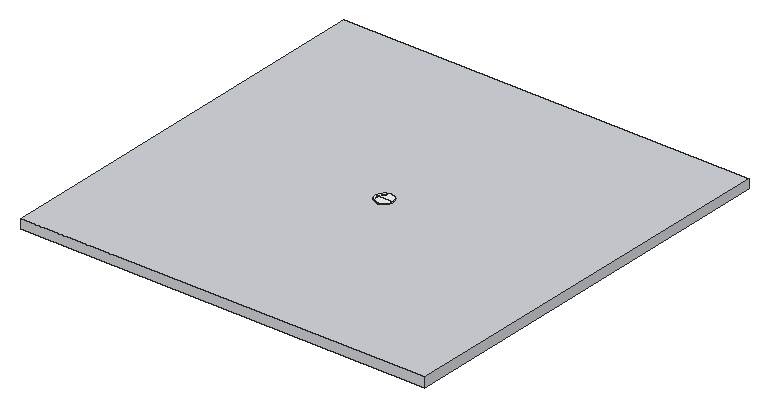
Revit family
Parameters (values of type "4"")
  WFU = 0
  URL = "WWW.MIFAB.COM"
  Strainer Diameter = 4.125"
  Strainer Adjustment [instance] = 1.250"
  Pipe Radius = Pipe Diameter / 2  # 2.000"
  Pipe Diameter = 4.000"
  Model = "F1210C"
  Manufacturer = "MIFAB"
  Floor Drain Material = Paint - Sherwin Williams Paint - #952C2A - Bellwood Red
  Description = "FLOOR DRAIN FOR MEMBRANE FLOOR AREAS"
  Default Elevation = 0.000"
  Body Height = 3.000"
Types (4): name | Pipe Radius | Pipe Diameter
  (no name) | 2.000" | 4.000"
  2" | 1.000" | 2.000"
  3" | 1.500" | 3.000"
  4" | 2.000" | 4.000"
Reference planes (in)
  plane 1 "Center (Front/Back)": y = 0
  plane 2: z = 0
  plane 3 "Center (Left/Right)": x = 0
  plane 4: x = -2.0625
  plane 5: x = 2.0625
  plane 6: z = -1.25
  plane 7: z = -0.8
  plane 8: z = -4.25
  plane 9: x = -2
  plane 10: x = 2
Forms (in)
  Extrusion 1, solid
    sketch origin (0, 0, 0) x (1, 0, 0) y (0, 1, 0)
      loop
        line (-48, 48) -> (-48, -48) -> (48, -48) -> (48, 48) -> (-48, 48)
    from 0 to -2.22499
  Revolve 2, solid, material "Paint - Sherwin Williams Paint - #952C2A - Bellwood Red" <- "Floor Drain Material"
    sketch origin (0, 0, 0) x (1, 0, 0) y (0, 0, 1)
      loop
        line (-1, -1.25) -> (-0.87204, -1.25) -> (-0.87204, -0.69839) -> (-1.5625, -0.25) -> (-1.5625, -0.1) -> (0, -0.1) -> (0, 0) -> (-2.0625, 0) -> (-2.0625, -0.11) -> (-1, -0.8) -> (-1, -1.25)
      axis (0, 0) -> (0, -1.25)
    angle from 0 to 360
  Revolve 3, solid, material "Paint - Sherwin Williams Paint - #952C2A - Bellwood Red" <- "Floor Drain Material"
    sketch origin (0, 0, 0) x (1, 0, 0) y (0, 0, 1)
      loop
        line (-2.4, -1.25) -> (-3.1625, -1.25) -> (-3.1625, -1.14522) -> (-3.3125, -1.14522) -> (-3.3125, -1.39522) -> (-2.80866, -1.39522) -> (-2.50665, -2.22499) -> (-2.15, -2.22499) -> (-2.15, -4.25) -> (-2, -4.25) -> (-2, -2.07499) -> (-2.4, -2.07499) -> (-2.4, -1.25)
      axis (0, -1.14522) -> (0, -4.25)
    angle from 0 to 360
  Revolve 4, solid, material "Paint - Sherwin Williams Paint - #952C2A - Bellwood Red" <- "Floor Drain Material"
    sketch origin (0, 0, 0) x (1, 0, 0) y (0, 0, 1)
      loop
        line (-2.69052, -1.25) -> (-1, -1.25) -> (-1, -0.95) -> (-1.15451, -0.95) -> (-1.15451, -1.1) -> (-2.69052, -1.1) -> (-2.69052, -1.25)
      axis (0, -0.95) -> (0, -1.25)
    angle from 0 to 360
Lines and regions (in)
  symbolic lines
    curve 1: circle (0, 0, 0) r 2.0625 normal (0, 0, 1)
Dimensions and locks (in)
  equal spacing: plane 5, plane 3 "Center (Left/Right)", plane 4
  "Strainer Diameter": plane 5 to plane 4
  "Strainer Adjustment": Extrusion 1 to plane 6
  "Body Height": plane 6 to plane 8
  equal spacing: plane 10, plane 3 "Center (Left/Right)", plane 9
  "Pipe Diameter": plane 9 to plane 10
  Revolve 3 sketch curve to plane 3 "Center (Left/Right)" = 3.3125"
  plane 9 to Revolve 3 sketch curve = 0.150"
  Revolve 2 sketch curve to plane 4 = 0.500"
  Revolve 4 sketch curve to Revolve 3 = 0.47198"
  aligned and locked: plane 2 to Extrusion 1
  aligned and locked: level to Extrusion 1
  aligned and locked: plane 8 to Revolve 3 sketch curve
  aligned and locked: plane 9 to Revolve 3 sketch curve
  aligned and locked: plane 4 to Revolve 2 sketch curve
  aligned and locked: Revolve 2 to Revolve 4 sketch curve
  aligned and locked: plane 3 "Center (Left/Right)" to Revolve 2 sketch curve
  aligned and locked: Revolve 2 sketch curve to Extrusion 1
Automatic sketch dimensions
  Extrusion 1 sketch curve to Extrusion 1 sketch curve = 96.000"  (x2)
  Revolve 3 sketch curve to plane 6 = 0.000"
  plane 6 to Revolve 3 sketch curve = 0.10478"
  Revolve 3 sketch curve to Revolve 3 sketch curve = 0.150"  (x2)
  Revolve 3 sketch curve to plane 4 = 0.3375"
  Revolve 3 sketch curve to plane 6 = 0.14522"
  Revolve 3 sketch curve to Revolve 3 sketch curve = 0.30201"
  Revolve 3 sketch curve to Revolve 3 sketch curve = 0.10665"
  Revolve 3 sketch curve to plane 6 = 0.82499"
  Revolve 3 sketch curve to plane 3 "Center (Left/Right)" = 0.000"
  plane 8 to Revolve 3 sketch curve = 19.750"
  level to Revolve 3 sketch curve = 102.71882"
  Revolve 2 sketch curve to plane 3 "Center (Left/Right)" = 0.000"
  Revolve 2 sketch curve to plane 6 = 0.000"
  Revolve 2 sketch curve to plane 7 = 0.000"
  plane 8 to Revolve 2 sketch curve = 19.750"
  plane 7 to Revolve 2 sketch curve = 0.10161"
  Revolve 2 sketch curve to level = 0.250"
  Revolve 2 sketch curve to level = 0.110"
  Revolve 2 sketch curve to level = 0.100"
  Revolve 2 sketch curve to Revolve 2 sketch curve = 102.71882"
  Revolve 2 sketch curve to Revolve 2 sketch curve = 0.5625"
  Revolve 2 sketch curve to Revolve 2 sketch curve = 0.12796"
  Revolve 4 sketch curve to plane 6 = 0.000"
  Revolve 4 sketch curve to plane 3 "Center (Left/Right)" = 0.000"
  Revolve 4 sketch curve to Revolve 4 sketch curve = 0.15451"
  plane 8 to Revolve 4 sketch curve = 19.750"
  Revolve 4 sketch curve to Revolve 4 sketch curve = 0.150"
  Revolve 4 sketch curve to plane 7 = 0.150"
  level to Revolve 4 sketch curve = 102.71882"
  plane 1 "Center (Front/Back)" to curve 1 = 0.000"
  curve 1 to plane 3 "Center (Left/Right)" = 0.000"
  radius of curve 1 = 2.0625"
Connectors (in)
  piping at (0, 0, -4.25), driven by "Pipe Radius", driven by "WFU"
    settings: on Revolve 3, index 1, connector radius 2", flow factor 0, pipe flow 0 GPM, pressure drop 0.00 psi, fitting loss kfactor 0, connector angle 0.00°, fixture units 0, flow configuration 3, flow direction 2, fitting loss method 0, system type 16, connector reference index -1, connector utility 0, adjustable connector no, is connector primary yes, fitting loss table "", connector description "Sanitary Out"
